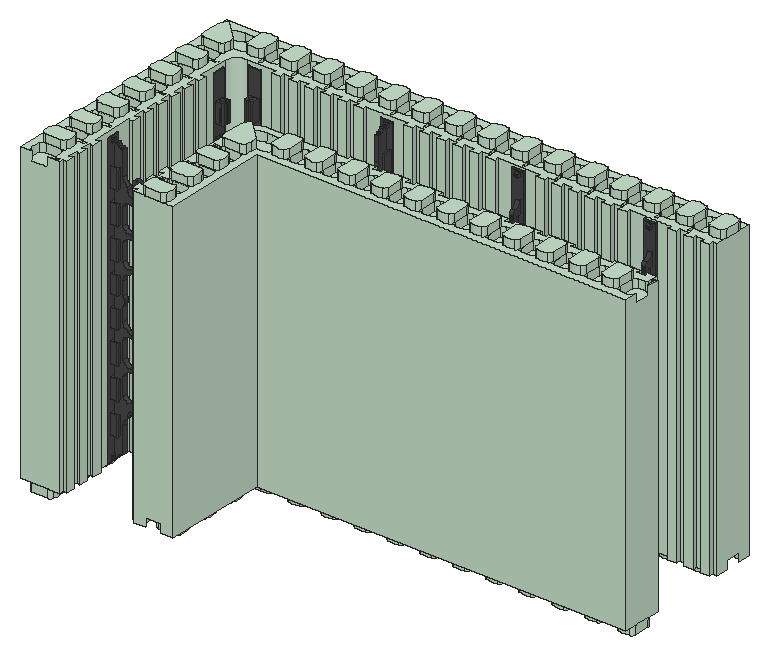
Revit family (continued)
Definition of nested family "NUDURA Logo Diamond Missing Outside Line"
  Lines and regions (mm)
    model lines
      curve 34: line (309.225, 0, 386.67) -> (318.205, 0, 395.65)
      curve 35: line (291.265, 0, 395.65) -> (300.245, 0, 386.67)
      curve 36: arc (289.468, 0, 406.426) -> (286.865, 0, 400.14) -> (289.468, 0, 393.854) r 8.89
      curve 37: arc (291.265, 0, 404.63) -> (289.405, 0, 400.14) -> (291.265, 0, 395.65) r 6.35
      curve 38: arc (318.205, 0, 404.63) -> (320.065, 0, 400.14) -> (318.205, 0, 395.65) r 6.35
      curve 39: arc (309.225, 0, 386.67) -> (304.735, 0, 384.81) -> (300.245, 0, 386.67) r 6.35
      curve 40: arc (300.245, 0, 413.611) -> (304.735, 0, 415.471) -> (309.225, 0, 413.611) r 6.35
      curve 41: arc (320.001, 0, 406.426) -> (322.605, 0, 400.14) -> (320.001, 0, 393.854) r 8.89
      curve 42: line (295.497, 0, 412.455) -> (289.468, 0, 406.426)
      curve 43: line (320.001, 0, 406.426) -> (313.973, 0, 412.455)
      curve 44: arc (295.497, 0, 387.825) -> (298.287, 0, 381.09) -> (295.497, 0, 374.355) r 9.525
      curve 45: arc (313.973, 0, 387.825) -> (311.183, 0, 381.09) -> (313.973, 0, 374.355) r 9.525
      curve 46: line (313.973, 0, 349.725) -> (320.001, 0, 355.754)
      curve 47: line (289.468, 0, 355.754) -> (295.497, 0, 349.725)
      curve 48: line (300.245, 0, 375.511) -> (291.265, 0, 366.53)
      curve 49: line (318.205, 0, 366.53) -> (309.225, 0, 375.511)
      curve 50: line (309.225, 0, 348.57) -> (318.205, 0, 357.55)
      curve 51: line (291.265, 0, 357.55) -> (300.245, 0, 348.57)
      curve 52: arc (289.468, 0, 368.326) -> (286.865, 0, 362.04) -> (289.468, 0, 355.754) r 8.89
      curve 53: arc (291.265, 0, 366.53) -> (289.405, 0, 362.04) -> (291.265, 0, 357.55) r 6.35
      curve 54: arc (318.205, 0, 366.53) -> (320.065, 0, 362.04) -> (318.205, 0, 357.55) r 6.35
      curve 55: arc (309.225, 0, 348.57) -> (304.735, 0, 346.71) -> (300.245, 0, 348.57) r 6.35
      curve 56: arc (300.245, 0, 375.511) -> (304.735, 0, 377.371) -> (309.225, 0, 375.511) r 6.35
      curve 57: arc (320.001, 0, 368.326) -> (322.605, 0, 362.04) -> (320.001, 0, 355.754) r 8.89
      curve 58: line (295.497, 0, 374.355) -> (289.468, 0, 368.326)
      curve 59: arc (295.497, 0, 349.725) -> (298.287, 0, 342.99) -> (295.497, 0, 336.255) r 9.525
      curve 60: arc (313.973, 0, 349.725) -> (311.183, 0, 342.99) -> (313.973, 0, 336.255) r 9.525
      curve 61: line (324.683, 0, 325.545) -> (313.973, 0, 336.255)
      curve 62: line (284.787, 0, 325.545) -> (286.583, 0, 323.749)
      curve 63: arc (300.245, 0, 337.411) -> (304.735, 0, 339.271) -> (309.225, 0, 337.411) r 6.35
      curve 64: line (320.001, 0, 12.854) -> (311.021, 0, 3.874)
      curve 65: line (313.973, 0, 31.455) -> (320.001, 0, 25.426)
      curve 66: line (320.001, 0, 50.954) -> (313.973, 0, 44.925)
      curve 67: line (313.973, 0, 69.555) -> (320.001, 0, 63.526)
      curve 68: line (320.001, 0, 89.054) -> (313.973, 0, 83.025)
      curve 69: line (313.973, 0, 107.655) -> (320.001, 0, 101.626)
      curve 70: line (309.225, 0, 119.97) -> (322.887, 0, 133.632)
      curve 71: line (322.887, 0, 133.632) -> (324.683, 0, 131.836)
      curve 72: line (286.583, 0, 133.632) -> (300.245, 0, 119.97)
      curve 73: line (295.497, 0, 121.125) -> (284.787, 0, 131.836)
      curve 74: line (289.468, 0, 101.626) -> (295.497, 0, 107.655)
      curve 75: line (295.497, 0, 83.025) -> (289.468, 0, 89.054)
      curve 76: line (289.468, 0, 63.526) -> (295.497, 0, 69.555)
      curve 77: line (295.497, 0, 44.925) -> (289.468, 0, 50.954)
      curve 78: line (289.468, 0, 25.426) -> (295.497, 0, 31.455)
      curve 79: line (298.449, 0, 3.874) -> (289.468, 0, 12.854)
      curve 80: line (300.245, 0, 5.67) -> (291.265, 0, 14.65)
      curve 81: line (318.205, 0, 14.65) -> (309.225, 0, 5.67)
      curve 82: line (309.225, 0, 32.611) -> (318.205, 0, 23.63)
      curve 83: line (291.265, 0, 23.63) -> (300.245, 0, 32.611)
      curve 84: arc (289.468, 0, 12.854) -> (286.865, 0, 19.14) -> (289.468, 0, 25.426) r 8.89
      curve 85: arc (298.449, 0, 3.874) -> (304.735, 0, 1.27) -> (311.021, 0, 3.874) r 8.89
      curve 86: arc (291.265, 0, 14.65) -> (289.405, 0, 19.14) -> (291.265, 0, 23.63) r 6.35
      curve 87: arc (318.205, 0, 14.65) -> (320.065, 0, 19.14) -> (318.205, 0, 23.63) r 6.35
      curve 88: arc (309.225, 0, 32.611) -> (304.735, 0, 34.471) -> (300.245, 0, 32.611) r 6.35
      curve 89: arc (300.245, 0, 5.67) -> (304.735, 0, 3.81) -> (309.225, 0, 5.67) r 6.35
      curve 90: arc (320.001, 0, 12.854) -> (322.605, 0, 19.14) -> (320.001, 0, 25.426) r 8.89
      curve 91: arc (295.497, 0, 31.455) -> (298.287, 0, 38.19) -> (295.497, 0, 44.925) r 9.525
      curve 92: arc (313.973, 0, 31.455) -> (311.183, 0, 38.19) -> (313.973, 0, 44.925) r 9.525
      curve 93: line (313.973, 0, 69.555) -> (320.001, 0, 63.526)
      curve 94: line (289.468, 0, 63.526) -> (295.497, 0, 69.555)
      curve 95: line (300.245, 0, 43.77) -> (291.265, 0, 52.75)
      curve 96: line (318.205, 0, 52.75) -> (309.225, 0, 43.77)
      curve 97: line (309.225, 0, 70.711) -> (318.205, 0, 61.73)
      curve 98: line (291.265, 0, 61.73) -> (300.245, 0, 70.711)
      curve 99: arc (289.468, 0, 50.954) -> (286.865, 0, 57.24) -> (289.468, 0, 63.526) r 8.89
      curve 100: arc (291.265, 0, 52.75) -> (289.405, 0, 57.24) -> (291.265, 0, 61.73) r 6.35
      curve 101: arc (318.205, 0, 52.75) -> (320.065, 0, 57.24) -> (318.205, 0, 61.73) r 6.35
      curve 102: arc (309.225, 0, 70.711) -> (304.735, 0, 72.571) -> (300.245, 0, 70.711) r 6.35
      curve 103: arc (300.245, 0, 43.77) -> (304.735, 0, 41.91) -> (309.225, 0, 43.77) r 6.35
      curve 104: arc (320.001, 0, 50.954) -> (322.605, 0, 57.24) -> (320.001, 0, 63.526) r 8.89
      curve 105: line (295.497, 0, 44.925) -> (289.468, 0, 50.954)
      curve 106: line (320.001, 0, 50.954) -> (313.973, 0, 44.925)
      curve 107: arc (295.497, 0, 69.555) -> (298.287, 0, 76.29) -> (295.497, 0, 83.025) r 9.525
      curve 108: arc (313.973, 0, 69.555) -> (311.183, 0, 76.29) -> (313.973, 0, 83.025) r 9.525
      curve 109: line (313.973, 0, 107.655) -> (320.001, 0, 101.626)
      curve 110: line (289.468, 0, 101.626) -> (295.497, 0, 107.655)
      curve 111: line (300.245, 0, 81.87) -> (291.265, 0, 90.85)
      curve 112: line (318.205, 0, 90.85) -> (309.225, 0, 81.87)
      curve 113: line (309.225, 0, 108.811) -> (318.205, 0, 99.83)
      curve 114: line (291.265, 0, 99.83) -> (300.245, 0, 108.811)
      curve 115: arc (289.468, 0, 89.054) -> (286.865, 0, 95.34) -> (289.468, 0, 101.626) r 8.89
      curve 116: arc (291.265, 0, 90.85) -> (289.405, 0, 95.34) -> (291.265, 0, 99.83) r 6.35
      curve 117: arc (318.205, 0, 90.85) -> (320.065, 0, 95.34) -> (318.205, 0, 99.83) r 6.35
      curve 118: arc (309.225, 0, 108.811) -> (304.735, 0, 110.671) -> (300.245, 0, 108.811) r 6.35
      curve 119: arc (300.245, 0, 81.87) -> (304.735, 0, 80.01) -> (309.225, 0, 81.87) r 6.35
      curve 120: arc (320.001, 0, 89.054) -> (322.605, 0, 95.34) -> (320.001, 0, 101.626) r 8.89
      curve 121: line (295.497, 0, 83.025) -> (289.468, 0, 89.054)
      curve 122: arc (295.497, 0, 107.655) -> (298.287, 0, 114.39) -> (295.497, 0, 121.125) r 9.525
      curve 123: arc (313.973, 0, 107.655) -> (311.183, 0, 114.39) -> (313.973, 0, 121.125) r 9.525
      curve 124: line (324.683, 0, 131.836) -> (313.973, 0, 121.125)
      curve 125: line (284.787, 0, 131.836) -> (286.583, 0, 133.632)
      curve 126: arc (300.245, 0, 119.97) -> (304.735, 0, 118.11) -> (309.225, 0, 119.97) r 6.35
      curve 127: line (314.26, 0, 317.59) -> (295.21, 0, 317.59)
      curve 128: line (323.785, 0, 149.315) -> (323.785, 0, 308.065)
      curve 129: line (285.685, 0, 308.065) -> (285.685, 0, 149.315)
      curve 130: line (295.21, 0, 139.79) -> (314.26, 0, 139.79)
      curve 131: line (316.797, 0, 304.89) -> (305.798, 0, 311.24)
      curve 132: line (316.797, 0, 292.19) -> (316.797, 0, 304.89)
      curve 133: line (311.298, 0, 289.015) -> (316.797, 0, 292.19)
      curve 134: line (305.373, 0, 292.436) -> (311.298, 0, 289.015)
      curve 135: line (310.447, 0, 295.365) -> (305.373, 0, 292.436)
      curve 136: line (299.874, 0, 307.82) -> (310.447, 0, 301.715)
      curve 137: line (310.447, 0, 301.715) -> (310.447, 0, 295.365)
      curve 138: line (305.798, 0, 311.24) -> (299.874, 0, 307.82)
      curve 139: line (299.023, 0, 295.611) -> (304.097, 0, 298.54)
      curve 140: line (304.097, 0, 298.54) -> (298.172, 0, 301.961)
      curve 141: line (298.172, 0, 301.961) -> (292.673, 0, 298.786)
      curve 142: line (292.673, 0, 298.786) -> (292.673, 0, 286.086)
      curve 143: line (299.023, 0, 289.261) -> (299.023, 0, 295.611)
      curve 144: line (309.596, 0, 283.156) -> (299.023, 0, 289.261)
      curve 145: line (303.671, 0, 279.736) -> (309.596, 0, 283.156)
      curve 146: line (292.673, 0, 286.086) -> (303.671, 0, 279.736)
      curve 147: line (312.702, 0, 269.344) -> (296.768, 0, 272.912)
      curve 148: line (296.768, 0, 272.912) -> (296.768, 0, 267.036)
      curve 149: line (296.768, 0, 267.036) -> (308.089, 0, 264.517)
      curve 150: line (308.089, 0, 264.517) -> (296.768, 0, 260.949)
      curve 151: line (296.768, 0, 260.949) -> (296.768, 0, 251.084)
      curve 152: line (296.768, 0, 251.084) -> (309.138, 0, 248.314)
      curve 153: line (309.138, 0, 248.314) -> (309.138, 0, 247.516)
      curve 154: line (309.138, 0, 247.516) -> (301.281, 0, 248.991)
      curve 155: line (296.768, 0, 245.246) -> (296.768, 0, 237.71)
      curve 156: line (306.598, 0, 222.094) -> (306.598, 0, 228.599)
      curve 157: line (306.598, 0, 228.599) -> (296.768, 0, 230.786)
      curve 158: line (296.768, 0, 230.786) -> (296.768, 0, 215.343)
      curve 159: line (302.723, 0, 230.274) -> (312.702, 0, 228.039)
      curve 160: line (300.341, 0, 217.291) -> (300.341, 0, 223.486)
      curve 161: line (300.341, 0, 223.486) -> (306.598, 0, 222.094)
      curve 162: line (296.768, 0, 205.027) -> (296.768, 0, 197.49)
      curve 163: line (302.723, 0, 190.055) -> (310.162, 0, 188.389)
      curve 164: line (310.162, 0, 188.389) -> (310.162, 0, 176.633)
      curve 165: line (308.892, 0, 175.363) -> (307.868, 0, 175.363)
      curve 166: line (306.598, 0, 176.633) -> (306.598, 0, 180.004)
      curve 167: line (306.598, 0, 180.004) -> (307.868, 0, 179.719)
      curve 168: line (307.868, 0, 179.719) -> (307.868, 0, 186.3)
      curve 169: line (307.868, 0, 186.3) -> (296.768, 0, 188.785)
      curve 170: line (296.768, 0, 188.785) -> (296.768, 0, 182.205)
      curve 171: line (296.768, 0, 182.205) -> (304.058, 0, 180.572)
      curve 172: line (304.058, 0, 180.572) -> (304.058, 0, 177.654)
      curve 173: line (302.788, 0, 176.384) -> (296.768, 0, 176.384)
      curve 174: line (296.768, 0, 176.384) -> (296.768, 0, 164.003)
      curve 175: line (296.768, 0, 164.003) -> (299.284, 0, 162.219)
      curve 176: line (299.284, 0, 162.219) -> (299.284, 0, 153.715)
      curve 177: line (307.942, 0, 156.079) -> (301.824, 0, 160.418)
      curve 178: line (301.824, 0, 160.418) -> (301.824, 0, 154.409)
      curve 179: line (301.824, 0, 154.409) -> (307.942, 0, 156.079)
      curve 180: line (299.284, 0, 153.715) -> (296.768, 0, 153.028)
      curve 181: line (296.768, 0, 153.028) -> (296.768, 0, 146.14)
      curve 182: line (296.768, 0, 146.14) -> (312.702, 0, 150.491)
      curve 183: line (312.702, 0, 150.491) -> (312.702, 0, 159.713)
      curve 184: line (312.702, 0, 159.713) -> (298.767, 0, 169.594)
      curve 185: line (298.767, 0, 169.594) -> (302.342, 0, 169.594)
      curve 186: line (312.702, 0, 172.383) -> (312.702, 0, 193.945)
      curve 187: line (312.702, 0, 193.945) -> (302.326, 0, 196.268)
      curve 188: line (300.341, 0, 198.747) -> (300.341, 0, 201.381)
      curve 189: line (301.888, 0, 202.62) -> (312.702, 0, 200.199)
      curve 190: line (312.702, 0, 200.199) -> (312.702, 0, 206.628)
      curve 191: line (312.702, 0, 206.628) -> (306.843, 0, 207.728)
      curve 192: line (312.702, 0, 212.942) -> (312.702, 0, 227.241)
      curve 193: line (312.702, 0, 227.241) -> (309.138, 0, 228.034)
      curve 194: line (309.138, 0, 228.034) -> (309.138, 0, 217.291)
      curve 195: line (312.702, 0, 228.039) -> (312.702, 0, 234.164)
      curve 196: line (312.702, 0, 234.164) -> (302.326, 0, 236.488)
      curve 197: line (300.341, 0, 238.966) -> (300.341, 0, 241.6)
      curve 198: line (301.736, 0, 242.874) -> (312.702, 0, 240.418)
      curve 199: line (312.702, 0, 240.418) -> (312.702, 0, 253.611)
      curve 200: line (312.702, 0, 253.611) -> (302.429, 0, 255.912)
      curve 201: line (302.429, 0, 255.912) -> (312.702, 0, 259.27)
      curve 202: line (312.702, 0, 259.27) -> (312.702, 0, 269.344)
      curve 203: arc (296.768, 0, 245.246) -> (298.145, 0, 248.178) -> (301.281, 0, 248.991) r 3.81
      curve 204: arc (296.768, 0, 237.71) -> (298.44, 0, 232.946) -> (302.723, 0, 230.274) r 7.62
      curve 205: arc (300.842, 0, 208.826) -> (297.87, 0, 211.5) -> (296.768, 0, 215.343) r 7.251
      curve 206: arc (296.768, 0, 205.027) -> (297.979, 0, 207.812) -> (300.842, 0, 208.826) r 3.808
      curve 207: arc (296.768, 0, 197.49) -> (298.44, 0, 192.727) -> (302.723, 0, 190.055) r 7.62
      curve 208: arc (300.341, 0, 198.747) -> (300.898, 0, 197.159) -> (302.326, 0, 196.268) r 2.54
      curve 209: arc (300.341, 0, 201.381) -> (300.817, 0, 202.372) -> (301.888, 0, 202.62) r 1.27
      curve 210: arc (307.868, 0, 175.363) -> (306.969, 0, 175.735) -> (306.598, 0, 176.633) r 1.27
      curve 211: arc (308.892, 0, 175.363) -> (309.79, 0, 175.735) -> (310.162, 0, 176.633) r 1.27
      curve 212: arc (304.058, 0, 177.654) -> (303.686, 0, 176.756) -> (302.788, 0, 176.384) r 1.27
      curve 213: arc (302.342, 0, 169.594) -> (303.976, 0, 170.198) -> (304.826, 0, 171.718) r 2.516
      curve 214: arc (304.826, 0, 171.718) -> (309.07, 0, 168.432) -> (312.702, 0, 172.383) r 3.966
      curve 215: arc (306.843, 0, 207.728) -> (310.942, 0, 209.02) -> (312.702, 0, 212.942) r 5.249
      curve 216: arc (300.341, 0, 217.291) -> (304.739, 0, 212.893) -> (309.138, 0, 217.291) r 4.398
      curve 217: arc (300.341, 0, 238.966) -> (300.898, 0, 237.378) -> (302.326, 0, 236.488) r 2.54
      curve 218: arc (300.341, 0, 241.6) -> (300.886, 0, 242.648) -> (302.057, 0, 242.802) r 1.279
      curve 219: arc (285.685, 0, 308.065) -> (288.475, 0, 314.8) -> (295.21, 0, 317.59) r 9.525
      curve 220: arc (314.26, 0, 317.59) -> (320.995, 0, 314.8) -> (323.785, 0, 308.065) r 9.525
      curve 221: arc (285.685, 0, 149.315) -> (288.475, 0, 142.58) -> (295.21, 0, 139.79) r 9.525
      curve 222: arc (314.26, 0, 139.79) -> (320.995, 0, 142.58) -> (323.785, 0, 149.315) r 9.525
      curve 223: line (253.935, 0, 457.2) -> (253.935, 0, 0)
      curve 224: line (355.535, 0, 457.2) -> (355.535, 0, 0)
Definition of nested family "NUDURA Diamond Pattern Missing One Line"
  Reference planes
    plane 1 "Center (Front/Back)": y = 0
    plane 2: z = 0
    plane 3 "Center (Left/Right)": x = 0
    plane 4: z = 457.2
  Lines and regions (mm)
    model lines
      curve 1: line (152.4, -142.875, 457.2) -> (152.4, -142.875, 0)
      curve 2: line (50.8, -142.875, 457.2) -> (50.8, -142.875, 0)
      curve 3: line (85.183, -142.875, 431.415) -> (93.906, -142.875, 422.692)
      curve 4: arc (85.183, -142.875, 444.885) -> (82.394, -142.875, 438.15) -> (85.183, -142.875, 431.415) r 9.525
      curve 5: line (94.708, -142.875, 454.41) -> (85.183, -142.875, 444.885)
      curve 6: arc (108.179, -142.875, 454.41) -> (101.444, -142.875, 457.2) -> (94.708, -142.875, 454.41) r 9.525
      curve 7: line (117.704, -142.875, 444.885) -> (108.179, -142.875, 454.41)
      curve 8: arc (117.704, -142.875, 431.415) -> (120.494, -142.875, 438.15) -> (117.704, -142.875, 444.885) r 9.525
      curve 9: line (108.981, -142.875, 422.692) -> (117.704, -142.875, 431.415)
      curve 10: arc (105.934, -142.875, 452.165) -> (101.444, -142.875, 454.025) -> (96.953, -142.875, 452.165) r 6.35
      curve 11: line (115.459, -142.875, 442.64) -> (105.934, -142.875, 452.165)
      curve 12: arc (115.459, -142.875, 433.66) -> (117.319, -142.875, 438.15) -> (115.459, -142.875, 442.64) r 6.35
      curve 13: line (105.934, -142.875, 424.135) -> (115.459, -142.875, 433.66)
      curve 14: arc (96.953, -142.875, 424.135) -> (101.444, -142.875, 422.275) -> (105.934, -142.875, 424.135) r 6.35
      curve 15: line (87.428, -142.875, 433.66) -> (96.953, -142.875, 424.135)
      curve 16: arc (87.428, -142.875, 442.64) -> (85.569, -142.875, 438.15) -> (87.428, -142.875, 433.66) r 6.35
      curve 17: line (96.953, -142.875, 452.165) -> (87.428, -142.875, 442.64)
      curve 18: arc (93.906, -142.875, 415.508) -> (95.394, -142.875, 419.1) -> (93.906, -142.875, 422.692) r 5.08
      curve 19: line (117.704, -142.875, 406.785) -> (108.981, -142.875, 415.508)
      curve 20: arc (117.704, -142.875, 393.315) -> (120.494, -142.875, 400.05) -> (117.704, -142.875, 406.785) r 9.525
      curve 21: line (108.981, -142.875, 384.592) -> (117.704, -142.875, 393.315)
      curve 22: line (85.183, -142.875, 393.315) -> (93.906, -142.875, 384.592)
      curve 23: arc (85.183, -142.875, 406.785) -> (82.394, -142.875, 400.05) -> (85.183, -142.875, 393.315) r 9.525
      curve 24: line (93.906, -142.875, 415.508) -> (85.183, -142.875, 406.785)
      curve 25: arc (105.934, -142.875, 414.065) -> (101.444, -142.875, 415.925) -> (96.953, -142.875, 414.065) r 6.35
      curve 26: line (96.953, -142.875, 414.065) -> (87.428, -142.875, 404.54)
      curve 27: arc (87.428, -142.875, 404.54) -> (85.569, -142.875, 400.05) -> (87.428, -142.875, 395.56) r 6.35
      curve 28: line (87.428, -142.875, 395.56) -> (96.953, -142.875, 386.035)
      curve 29: arc (96.953, -142.875, 386.035) -> (101.444, -142.875, 384.175) -> (105.934, -142.875, 386.035) r 6.35
      curve 30: line (105.934, -142.875, 386.035) -> (115.459, -142.875, 395.56)
      curve 31: arc (115.459, -142.875, 395.56) -> (117.319, -142.875, 400.05) -> (115.459, -142.875, 404.54) r 6.35
      curve 32: line (115.459, -142.875, 404.54) -> (105.934, -142.875, 414.065)
      curve 33: arc (93.906, -142.875, 377.408) -> (95.394, -142.875, 381) -> (93.906, -142.875, 384.592) r 5.08
      curve 34: line (117.704, -142.875, 368.685) -> (108.981, -142.875, 377.408)
      curve 35: arc (117.704, -142.875, 355.215) -> (120.494, -142.875, 361.95) -> (117.704, -142.875, 368.685) r 9.525
      curve 36: line (108.981, -142.875, 346.492) -> (117.704, -142.875, 355.215)
      curve 37: line (85.183, -142.875, 355.215) -> (93.906, -142.875, 346.492)
      curve 38: arc (85.183, -142.875, 368.685) -> (82.394, -142.875, 361.95) -> (85.183, -142.875, 355.215) r 9.525
      curve 39: line (93.906, -142.875, 377.408) -> (85.183, -142.875, 368.685)
      curve 40: arc (105.934, -142.875, 375.965) -> (101.444, -142.875, 377.825) -> (96.953, -142.875, 375.965) r 6.35
      curve 41: line (96.953, -142.875, 375.965) -> (87.428, -142.875, 366.44)
      curve 42: arc (87.428, -142.875, 366.44) -> (85.569, -142.875, 361.95) -> (87.428, -142.875, 357.46) r 6.35
      curve 43: line (87.428, -142.875, 357.46) -> (96.953, -142.875, 347.935)
      curve 44: arc (96.953, -142.875, 347.935) -> (101.444, -142.875, 346.075) -> (105.934, -142.875, 347.935) r 6.35
      curve 45: line (105.934, -142.875, 347.935) -> (115.459, -142.875, 357.46)
      curve 46: arc (115.459, -142.875, 357.46) -> (117.319, -142.875, 361.95) -> (115.459, -142.875, 366.44) r 6.35
      curve 47: line (115.459, -142.875, 366.44) -> (105.934, -142.875, 375.965)
      curve 48: arc (93.906, -142.875, 339.308) -> (95.394, -142.875, 342.9) -> (93.906, -142.875, 346.492) r 5.08
      curve 49: line (117.704, -142.875, 330.585) -> (108.981, -142.875, 339.308)
      curve 50: arc (117.704, -142.875, 317.115) -> (120.494, -142.875, 323.85) -> (117.704, -142.875, 330.585) r 9.525
      curve 51: line (108.981, -142.875, 308.392) -> (117.704, -142.875, 317.115)
      curve 52: line (85.183, -142.875, 317.115) -> (93.906, -142.875, 308.392)
      curve 53: arc (85.183, -142.875, 330.585) -> (82.394, -142.875, 323.85) -> (85.183, -142.875, 317.115) r 9.525
      curve 54: line (93.906, -142.875, 339.308) -> (85.183, -142.875, 330.585)
      curve 55: arc (105.934, -142.875, 337.865) -> (101.444, -142.875, 339.725) -> (96.953, -142.875, 337.865) r 6.35
      curve 56: line (96.953, -142.875, 337.865) -> (87.428, -142.875, 328.34)
      curve 57: arc (87.428, -142.875, 328.34) -> (85.569, -142.875, 323.85) -> (87.428, -142.875, 319.36) r 6.35
      curve 58: line (87.428, -142.875, 319.36) -> (96.953, -142.875, 309.835)
      curve 59: arc (96.953, -142.875, 309.835) -> (101.444, -142.875, 307.975) -> (105.934, -142.875, 309.835) r 6.35
      curve 60: line (105.934, -142.875, 309.835) -> (115.459, -142.875, 319.36)
      curve 61: arc (115.459, -142.875, 319.36) -> (117.319, -142.875, 323.85) -> (115.459, -142.875, 328.34) r 6.35
      curve 62: line (115.459, -142.875, 328.34) -> (105.934, -142.875, 337.865)
      curve 63: arc (93.906, -142.875, 301.208) -> (95.394, -142.875, 304.8) -> (93.906, -142.875, 308.392) r 5.08
      curve 64: line (117.704, -142.875, 292.485) -> (108.981, -142.875, 301.208)
      curve 65: arc (117.704, -142.875, 279.015) -> (120.494, -142.875, 285.75) -> (117.704, -142.875, 292.485) r 9.525
      curve 66: line (108.981, -142.875, 270.292) -> (117.704, -142.875, 279.015)
      curve 67: line (85.183, -142.875, 279.015) -> (93.906, -142.875, 270.292)
      curve 68: arc (85.183, -142.875, 292.485) -> (82.394, -142.875, 285.75) -> (85.183, -142.875, 279.015) r 9.525
      curve 69: line (93.906, -142.875, 301.208) -> (85.183, -142.875, 292.485)
      curve 70: arc (105.934, -142.875, 299.765) -> (101.444, -142.875, 301.625) -> (96.953, -142.875, 299.765) r 6.35
      curve 71: line (96.953, -142.875, 299.765) -> (87.428, -142.875, 290.24)
      curve 72: arc (87.428, -142.875, 290.24) -> (85.569, -142.875, 285.75) -> (87.428, -142.875, 281.26) r 6.35
      curve 73: line (87.428, -142.875, 281.26) -> (96.953, -142.875, 271.735)
      curve 74: arc (96.953, -142.875, 271.735) -> (101.444, -142.875, 269.875) -> (105.934, -142.875, 271.735) r 6.35
      curve 75: line (105.934, -142.875, 271.735) -> (115.459, -142.875, 281.26)
      curve 76: arc (115.459, -142.875, 281.26) -> (117.319, -142.875, 285.75) -> (115.459, -142.875, 290.24) r 6.35
      curve 77: line (115.459, -142.875, 290.24) -> (105.934, -142.875, 299.765)
      curve 78: arc (93.906, -142.875, 263.108) -> (95.394, -142.875, 266.7) -> (93.906, -142.875, 270.292) r 5.08
      curve 79: line (117.704, -142.875, 254.385) -> (108.981, -142.875, 263.108)
      curve 80: arc (117.704, -142.875, 240.915) -> (120.494, -142.875, 247.65) -> (117.704, -142.875, 254.385) r 9.525
      curve 81: line (108.981, -142.875, 232.192) -> (117.704, -142.875, 240.915)
      curve 82: line (85.183, -142.875, 240.915) -> (93.906, -142.875, 232.192)
      curve 83: arc (85.183, -142.875, 254.385) -> (82.394, -142.875, 247.65) -> (85.183, -142.875, 240.915) r 9.525
      curve 84: line (93.906, -142.875, 263.108) -> (85.183, -142.875, 254.385)
      curve 85: arc (105.934, -142.875, 261.665) -> (101.444, -142.875, 263.525) -> (96.953, -142.875, 261.665) r 6.35
      curve 86: line (96.953, -142.875, 261.665) -> (87.428, -142.875, 252.14)
      curve 87: arc (87.428, -142.875, 252.14) -> (85.569, -142.875, 247.65) -> (87.428, -142.875, 243.16) r 6.35
      curve 88: line (87.428, -142.875, 243.16) -> (96.953, -142.875, 233.635)
      curve 89: arc (96.953, -142.875, 233.635) -> (101.444, -142.875, 231.775) -> (105.934, -142.875, 233.635) r 6.35
      curve 90: line (105.934, -142.875, 233.635) -> (115.459, -142.875, 243.16)
      curve 91: arc (115.459, -142.875, 243.16) -> (117.319, -142.875, 247.65) -> (115.459, -142.875, 252.14) r 6.35
      curve 92: line (115.459, -142.875, 252.14) -> (105.934, -142.875, 261.665)
      curve 93: arc (93.906, -142.875, 225.008) -> (95.394, -142.875, 228.6) -> (93.906, -142.875, 232.192) r 5.08
      curve 94: line (117.704, -142.875, 216.285) -> (108.981, -142.875, 225.008)
      curve 95: arc (117.704, -142.875, 202.815) -> (120.494, -142.875, 209.55) -> (117.704, -142.875, 216.285) r 9.525
      curve 96: line (108.981, -142.875, 194.092) -> (117.704, -142.875, 202.815)
      curve 97: line (85.183, -142.875, 202.815) -> (93.906, -142.875, 194.092)
      curve 98: arc (85.183, -142.875, 216.285) -> (82.394, -142.875, 209.55) -> (85.183, -142.875, 202.815) r 9.525
      curve 99: line (93.906, -142.875, 225.008) -> (85.183, -142.875, 216.285)
      curve 100: arc (105.934, -142.875, 223.565) -> (101.444, -142.875, 225.425) -> (96.953, -142.875, 223.565) r 6.35
      curve 101: line (96.953, -142.875, 223.565) -> (87.428, -142.875, 214.04)
      curve 102: arc (87.428, -142.875, 214.04) -> (85.569, -142.875, 209.55) -> (87.428, -142.875, 205.06) r 6.35
      curve 103: line (87.428, -142.875, 205.06) -> (96.953, -142.875, 195.535)
      curve 104: arc (96.953, -142.875, 195.535) -> (101.444, -142.875, 193.675) -> (105.934, -142.875, 195.535) r 6.35
      curve 105: line (105.934, -142.875, 195.535) -> (115.459, -142.875, 205.06)
      curve 106: arc (115.459, -142.875, 205.06) -> (117.319, -142.875, 209.55) -> (115.459, -142.875, 214.04) r 6.35
      curve 107: line (115.459, -142.875, 214.04) -> (105.934, -142.875, 223.565)
      curve 108: arc (93.906, -142.875, 186.908) -> (95.394, -142.875, 190.5) -> (93.906, -142.875, 194.092) r 5.08
      curve 109: line (117.704, -142.875, 178.185) -> (108.981, -142.875, 186.908)
      curve 110: arc (117.704, -142.875, 164.715) -> (120.494, -142.875, 171.45) -> (117.704, -142.875, 178.185) r 9.525
      curve 111: line (108.981, -142.875, 155.992) -> (117.704, -142.875, 164.715)
      curve 112: line (85.183, -142.875, 164.715) -> (93.906, -142.875, 155.992)
      curve 113: arc (85.183, -142.875, 178.185) -> (82.394, -142.875, 171.45) -> (85.183, -142.875, 164.715) r 9.525
      curve 114: line (93.906, -142.875, 186.908) -> (85.183, -142.875, 178.185)
      curve 115: arc (105.934, -142.875, 185.465) -> (101.444, -142.875, 187.325) -> (96.953, -142.875, 185.465) r 6.35
      curve 116: line (96.953, -142.875, 185.465) -> (87.428, -142.875, 175.94)
      curve 117: arc (87.428, -142.875, 175.94) -> (85.569, -142.875, 171.45) -> (87.428, -142.875, 166.96) r 6.35
      curve 118: line (87.428, -142.875, 166.96) -> (96.953, -142.875, 157.435)
      curve 119: arc (96.953, -142.875, 157.435) -> (101.444, -142.875, 155.575) -> (105.934, -142.875, 157.435) r 6.35
      curve 120: line (105.934, -142.875, 157.435) -> (115.459, -142.875, 166.96)
      curve 121: arc (115.459, -142.875, 166.96) -> (117.319, -142.875, 171.45) -> (115.459, -142.875, 175.94) r 6.35
      curve 122: line (115.459, -142.875, 175.94) -> (105.934, -142.875, 185.465)
      curve 123: arc (93.906, -142.875, 148.808) -> (95.394, -142.875, 152.4) -> (93.906, -142.875, 155.992) r 5.08
      curve 124: line (117.704, -142.875, 140.085) -> (108.981, -142.875, 148.808)
      curve 125: arc (117.704, -142.875, 126.615) -> (120.494, -142.875, 133.35) -> (117.704, -142.875, 140.085) r 9.525
      curve 126: line (108.981, -142.875, 117.892) -> (117.704, -142.875, 126.615)
      curve 127: line (85.183, -142.875, 126.615) -> (93.906, -142.875, 117.892)
      curve 128: arc (85.183, -142.875, 140.085) -> (82.394, -142.875, 133.35) -> (85.183, -142.875, 126.615) r 9.525
      curve 129: line (93.906, -142.875, 148.808) -> (85.183, -142.875, 140.085)
      curve 130: arc (105.934, -142.875, 147.365) -> (101.444, -142.875, 149.225) -> (96.953, -142.875, 147.365) r 6.35
      curve 131: line (96.953, -142.875, 147.365) -> (87.428, -142.875, 137.84)
      curve 132: arc (87.428, -142.875, 137.84) -> (85.569, -142.875, 133.35) -> (87.428, -142.875, 128.86) r 6.35
      curve 133: line (87.428, -142.875, 128.86) -> (96.953, -142.875, 119.335)
      curve 134: arc (96.953, -142.875, 119.335) -> (101.444, -142.875, 117.475) -> (105.934, -142.875, 119.335) r 6.35
      curve 135: line (105.934, -142.875, 119.335) -> (115.459, -142.875, 128.86)
      curve 136: arc (115.459, -142.875, 128.86) -> (117.319, -142.875, 133.35) -> (115.459, -142.875, 137.84) r 6.35
      curve 137: line (115.459, -142.875, 137.84) -> (105.934, -142.875, 147.365)
      curve 138: arc (93.906, -142.875, 110.708) -> (95.394, -142.875, 114.3) -> (93.906, -142.875, 117.892) r 5.08
      curve 139: line (117.704, -142.875, 101.985) -> (108.981, -142.875, 110.708)
      curve 140: arc (117.704, -142.875, 88.515) -> (120.494, -142.875, 95.25) -> (117.704, -142.875, 101.985) r 9.525
      curve 141: line (108.981, -142.875, 79.792) -> (117.704, -142.875, 88.515)
      curve 142: line (85.183, -142.875, 88.515) -> (93.906, -142.875, 79.792)
      curve 143: arc (85.183, -142.875, 101.985) -> (82.394, -142.875, 95.25) -> (85.183, -142.875, 88.515) r 9.525
      curve 144: line (93.906, -142.875, 110.708) -> (85.183, -142.875, 101.985)
      curve 145: arc (105.934, -142.875, 109.265) -> (101.444, -142.875, 111.125) -> (96.953, -142.875, 109.265) r 6.35
      curve 146: line (96.953, -142.875, 109.265) -> (87.428, -142.875, 99.74)
      curve 147: arc (87.428, -142.875, 99.74) -> (85.569, -142.875, 95.25) -> (87.428, -142.875, 90.76) r 6.35
      curve 148: line (87.428, -142.875, 90.76) -> (96.953, -142.875, 81.235)
      curve 149: arc (96.953, -142.875, 81.235) -> (101.444, -142.875, 79.375) -> (105.934, -142.875, 81.235) r 6.35
      curve 150: line (105.934, -142.875, 81.235) -> (115.459, -142.875, 90.76)
      curve 151: arc (115.459, -142.875, 90.76) -> (117.319, -142.875, 95.25) -> (115.459, -142.875, 99.74) r 6.35
      curve 152: line (115.459, -142.875, 99.74) -> (105.934, -142.875, 109.265)
      curve 153: arc (93.906, -142.875, 72.608) -> (95.394, -142.875, 76.2) -> (93.906, -142.875, 79.792) r 5.08
      curve 154: line (117.704, -142.875, 63.885) -> (108.981, -142.875, 72.608)
      curve 155: arc (117.704, -142.875, 50.415) -> (120.494, -142.875, 57.15) -> (117.704, -142.875, 63.885) r 9.525
      curve 156: line (108.981, -142.875, 41.692) -> (117.704, -142.875, 50.415)
      curve 157: line (85.183, -142.875, 50.415) -> (93.906, -142.875, 41.692)
      curve 158: arc (85.183, -142.875, 63.885) -> (82.394, -142.875, 57.15) -> (85.183, -142.875, 50.415) r 9.525
      curve 159: line (93.906, -142.875, 72.608) -> (85.183, -142.875, 63.885)
      curve 160: arc (105.934, -142.875, 71.165) -> (101.444, -142.875, 73.025) -> (96.953, -142.875, 71.165) r 6.35
      curve 161: line (96.953, -142.875, 71.165) -> (87.428, -142.875, 61.64)
      curve 162: arc (87.428, -142.875, 61.64) -> (85.569, -142.875, 57.15) -> (87.428, -142.875, 52.66) r 6.35
      curve 163: line (87.428, -142.875, 52.66) -> (96.953, -142.875, 43.135)
      curve 164: arc (96.953, -142.875, 43.135) -> (101.444, -142.875, 41.275) -> (105.934, -142.875, 43.135) r 6.35
      curve 165: line (105.934, -142.875, 43.135) -> (115.459, -142.875, 52.66)
      curve 166: arc (115.459, -142.875, 52.66) -> (117.319, -142.875, 57.15) -> (115.459, -142.875, 61.64) r 6.35
      curve 167: line (115.459, -142.875, 61.64) -> (105.934, -142.875, 71.165)
      curve 168: arc (93.906, -142.875, 34.508) -> (95.394, -142.875, 38.1) -> (93.906, -142.875, 41.692) r 5.08
      curve 169: line (93.906, -142.875, 34.508) -> (85.183, -142.875, 25.785)
      curve 170: arc (85.183, -142.875, 25.785) -> (82.394, -142.875, 19.05) -> (85.183, -142.875, 12.315) r 9.525
      curve 171: line (85.183, -142.875, 12.315) -> (94.708, -142.875, 2.79)
      curve 172: arc (94.708, -142.875, 2.79) -> (101.444, -142.875, 0) -> (108.179, -142.875, 2.79) r 9.525
      curve 173: line (108.179, -142.875, 2.79) -> (117.704, -142.875, 12.315)
      curve 174: arc (117.704, -142.875, 12.315) -> (120.494, -142.875, 19.05) -> (117.704, -142.875, 25.785) r 9.525
      curve 175: line (117.704, -142.875, 25.785) -> (108.981, -142.875, 34.508)
      curve 176: arc (108.981, -142.875, 41.692) -> (107.493, -142.875, 38.1) -> (108.981, -142.875, 34.508) r 5.08
      curve 177: arc (105.934, -142.875, 33.065) -> (101.444, -142.875, 34.925) -> (96.953, -142.875, 33.065) r 6.35
      curve 178: line (115.459, -142.875, 23.54) -> (105.934, -142.875, 33.065)
      curve 179: arc (115.459, -142.875, 14.56) -> (117.319, -142.875, 19.05) -> (115.459, -142.875, 23.54) r 6.35
      curve 180: line (105.934, -142.875, 5.035) -> (115.459, -142.875, 14.56)
      curve 181: arc (96.953, -142.875, 5.035) -> (101.444, -142.875, 3.175) -> (105.934, -142.875, 5.035) r 6.35
      curve 182: line (87.428, -142.875, 14.56) -> (96.953, -142.875, 5.035)
      curve 183: arc (87.428, -142.875, 23.54) -> (85.569, -142.875, 19.05) -> (87.428, -142.875, 14.56) r 6.35
      curve 184: line (96.953, -142.875, 33.065) -> (87.428, -142.875, 23.54)
      curve 185: arc (108.981, -142.875, 79.792) -> (107.493, -142.875, 76.2) -> (108.981, -142.875, 72.608) r 5.08
      curve 186: arc (108.981, -142.875, 117.892) -> (107.493, -142.875, 114.3) -> (108.981, -142.875, 110.708) r 5.08
      curve 187: arc (108.981, -142.875, 155.992) -> (107.493, -142.875, 152.4) -> (108.981, -142.875, 148.808) r 5.08
      curve 188: arc (108.981, -142.875, 194.092) -> (107.493, -142.875, 190.5) -> (108.981, -142.875, 186.908) r 5.08
      curve 189: arc (108.981, -142.875, 232.192) -> (107.493, -142.875, 228.6) -> (108.981, -142.875, 225.008) r 5.08
      curve 190: arc (108.981, -142.875, 270.292) -> (107.493, -142.875, 266.7) -> (108.981, -142.875, 263.108) r 5.08
      curve 191: arc (108.981, -142.875, 308.392) -> (107.493, -142.875, 304.8) -> (108.981, -142.875, 301.208) r 5.08
      curve 192: arc (108.981, -142.875, 346.492) -> (107.493, -142.875, 342.9) -> (108.981, -142.875, 339.308) r 5.08
      curve 193: arc (108.981, -142.875, 384.592) -> (107.493, -142.875, 381) -> (108.981, -142.875, 377.408) r 5.08
      curve 194: arc (108.981, -142.875, 422.692) -> (107.493, -142.875, 419.1) -> (108.981, -142.875, 415.508) r 5.08
